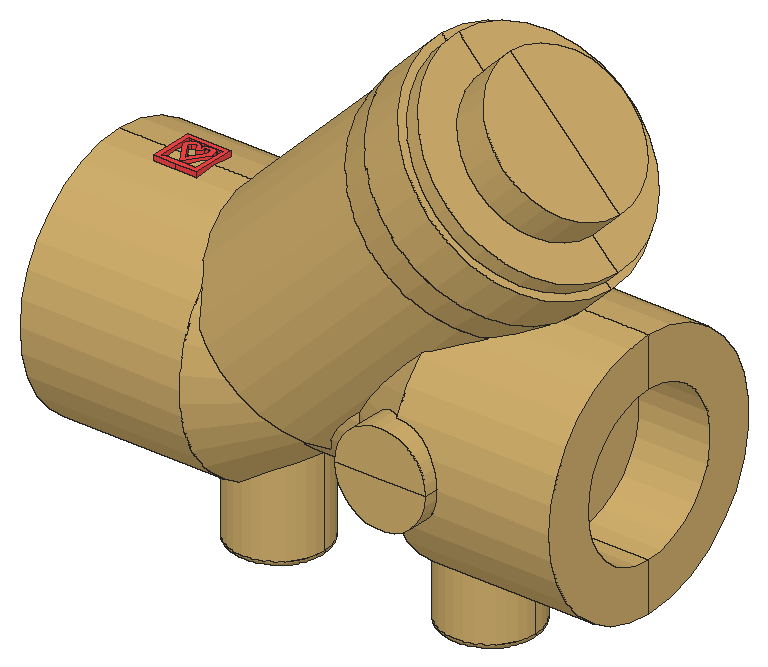
Revit family "Фильтр-грязевик 4111", category Rohrzubehör, Revit 2019
Family settings
  Bemaßung runder Anschluss = Durchmesser verwenden
  Teiletyp = Unterbricht
  OmniClass-Nummer = 23.65.55.14
  OmniClass-Titel = Valves for Liquid Services
  Arbeitsebenenbasiert = Nein
  Immer vertikal = Ja
  Beim Laden mit Abzugskörper schneiden = Nein
  Gemeinsam genutzt = Nein
Parameters
  Номер заказа [instance] = size_lookup("4111_", "Artnr", 0, Nennweite)  # 1411114
  Макс. рабочая температура = 110 °C  # constant formula
  W01 = 45.00°  # constant formula
  URL = "www.herz-armaturen.ru"
  Заглушка = "штампованная латунь CW 617N"  # constant formula
  Фильтрующий элемент = "нержавеющая сталь, размер ячейки 0,75 мм"  # constant formula
  SW02 [instance] = size_lookup("4111_", "SW2", 11.000 mm, Nennweite)  # 8.500 mm
  SW01 [instance] = size_lookup("4111_", "SW1", 16.000 mm, Nennweite)  # 16.000 mm
  SCTWSEQ = "AW;SBT_TYP_AW=\"112\";2"
  SCTWCODE = "04;16;02"  # constant formula
  SCRNSEQ = "AWI;AWI_TYP=\"1011\";2"
  SCRNCODE = "05;15;02"  # constant formula
  S01 [instance] = R01 * 2  # 52.000 mm
  R100 = 1.000 mm  # constant formula
  R10 [instance] = size_lookup("4111_", "R10", 8.500 mm, Nennweite)  # 6.950 mm
  R09 [instance] = size_lookup("4111_", "R9", 30.000 mm, Nennweite)  # 15.000 mm
  R08 [instance] = R07 - 1.500 mm  # 23.500 mm
  R07 [instance] = size_lookup("4111_", "R7", 46.500 mm, Nennweite)  # 25.000 mm
  R06 [instance] = size_lookup("4111_", "R6", 43.000 mm, Nennweite)  # 24.000 mm
  R05 [instance] = Nennweite / 2  # 16.000 mm
  R04 [instance] = size_lookup("4111_", "R4", 11.500 mm, Nennweite)  # 9.500 mm
  R03 = 9.500 mm  # constant formula
  R02 [instance] = Nennweite / 2  # 16.000 mm
  R01 [instance] = (Nennweite / 2) + 10.000 mm  # 26.000 mm
  PN [instance] = size_lookup("4111_", "PN", 16, Nennweite)  # 25
  Nennweite [instance] = 32.000 mm
  Среда = "Качество теплоносителя в соответствии с ÖNORM H5195 и/или предписаниями VDI-Standard 2035.\nРазрешается использование смеси этилен или пропиленгликоля в соотношении 25-50% с водой. Пожалуйста, обратитесь к документации производителя, при использовании этиленгликоля и пропиленгликоля в целях защиты от замерзания. Прокладки EPDM могут быть подвержены воздействию минеральных смазочных масел, что может служить причиной выхода из строя данных уплотнений."
  L16 [instance] = L03 - 4.500 mm  # 10.500 mm
  L15 [instance] = R01 - 1.000 mm  # 25.000 mm
  L14 [instance] = L06 - L08  # 7.300 mm
  L13 [instance] = size_lookup("4111_", "L13", 4.000 mm, Nennweite)  # 3.500 mm
  L12 = 0.800 mm  # constant formula
  L11 [instance] = size_lookup("4111_", "L11", 11.000 mm, Nennweite)  # 8.000 mm
  L10 = 3.500 mm  # constant formula
  L09 [instance] = size_lookup("4111_", "L9", 11.000 mm, Nennweite)  # 10.000 mm
  L08 [instance] = size_lookup("4111_", "L8", 35.000 mm, Nennweite)  # 52.700 mm
  L07 [instance] = size_lookup("4111_", "L7", 35.000 mm, Nennweite)  # 20.000 mm
  L06 [instance] = size_lookup("4111_", "L6", 118.000 mm, Nennweite) - L09  # 60.000 mm
  L05 [instance] = size_lookup("4111_", "L5", 44.000 mm, Nennweite)  # 27.500 mm
  L04 [instance] = size_lookup("4111_", "L4", 45.000 mm, Nennweite)  # 28.600 mm
  L03 = 15.000 mm  # constant formula
  L02 [instance] = size_lookup("4111_", "L2", 22.000 mm, Nennweite)  # 7.500 mm
  L01 [instance] = size_lookup("4111_", "L1", 48.000 mm, Nennweite)  # 33.000 mm
  L00 [instance] = size_lookup("4111_", "L", 180.000 mm, Nennweite)  # 110.000 mm
  Внутренняя резьба = "в соответствии с ISO 228-1"  # constant formula
  Hersteller = "Herz-Armaturen GmbH"  # constant formula
  H01 [instance] = size_lookup("4111_", "H1", 53.000 mm, Nennweite)  # 39.000 mm
  Корпус = "литая латунь, устойчивая к селективной цинковой коррозии, CC770S"  # constant formula
  Уплотнения = "EPDM"  # constant formula
  Область применения = "Фильтры устанавливаются с целью защиты клапанов от мелких частиц грязи в системах отопления и\nхолодоснабжения. Ароматические хлорированные углеводороды, такие как природный газ или продукты нефтепереработки, разрушают уплотнения из EPDM."
Reference planes
  plane 1 "Mitte (Vorne/hinten)": y = 0
  plane 2: z = 0
  plane 3 "Mitte (Links/rechts)": x = 0
Forms (mm)
  Revolve 1, solid, material "Messing", detail levels fine
    sketch origin (470, 0, 0) x (1, 0, 0) y (0, 0, 1)
      loop
        line (-525, 16) -> (-510, 16) -> (-510, 0) -> (-430, 0) -> (-430, 16) -> (-415, 16) -> (-415, 26) -> (-448, 26) -> (-462.5, 16) -> (-477.5, 16) -> (-492, 26) -> (-525, 26) -> (-525, 16)
      axis (-525, 0) -> (-415, 0)
    angle from 0 to 360
  Revolve 2, solid, material "Messing", detail levels fine
    sketch origin (470, 0, 0) x (1, 0, 0) y (0, 0, 1)
      loop
        line (-501.5, 0) -> (-501.5, -38)
        arc (-501.5, -38) -> (-501.207, -38.707) -> (-500.5, -39) r 1
        line (-500.5, -39) -> (-492, -39) -> (-492, 0) -> (-501.5, 0)
      axis (-492, 0) -> (-492, -39)
    angle from 0 to 360
  Revolve 3, solid, material "Messing", detail levels fine
    sketch origin (0, 0, 0) x (1, 0, 0) y (0, 1, 0)
      loop
        line (22, -28.6) -> (31.5, -28.6) -> (31.5, 27.5) -> (22, 27.5) -> (22, -28.6)
      axis (22, -28.6) -> (22, 27.5)
    angle from 0 to 360
  Revolve 4, solid, material "Messing", detail levels fine
    sketch origin (-470, 0, 0) x (-1, 0, 0) y (0, 0, 1)
      loop
        line (-501.5, 0) -> (-501.5, -38)
        arc (-501.5, -38) -> (-501.207, -38.707) -> (-500.5, -39) r 1
        line (-500.5, -39) -> (-492, -39) -> (-492, 0) -> (-501.5, 0)
      axis (-492, 0) -> (-492, -39)
    angle from 0 to 360
  Revolve 5, solid, material "Messing", detail levels fine
    sketch origin (0.32, 0, -0.105) x (1, 0, 0) y (0, 0, 1)
      loop
        line (-20.32, 0) -> (37.309, 57.629) -> (25.995, 68.943) -> (20.339, 63.286) -> (15.035, 68.589) -> (12.56, 66.114) -> (11.5, 67.175) -> (4.429, 60.104) -> (-0.026, 54.235) -> (-32.129, 22.132) -> (-31.634, 11.314) -> (-20.32, 0)
      axis (-20.32, 0) -> (37.309, 57.629)
    angle from 0 to 360
Lines and regions (mm)
  model lines, detail levels coarse+medium
    curve 1: line (-55, 0, 26) -> (55, 0, 26)
    curve 2: line (-55, 0, -26) -> (-55, 0, 26)
    curve 3: line (55, 0, -26) -> (-55, 0, -26)
    curve 4: line (55, 0, 26) -> (55, 0, -26)
    curve 6: line (-55, 26, 0) -> (55, 26, 0)
    curve 7: line (-55, -26, 0) -> (-55, 26, 0)
    curve 8: line (55, -26, 0) -> (-55, -26, 0)
    curve 9: line (55, 26, 0) -> (55, -26, 0)
    curve 10: line (55, -26, 0) -> (-55, 26, 0)
  symbolic lines, style "PipeAccessory"
    curve 5: line (55, 0, -26) -> (-55, 0, 26)
Dimensions and locks
  "H01": plane 2 to Revolve 2 sketch curve
  "L00": Revolve 1 sketch curve to Revolve 1 sketch curve
  equal spacing: Revolve 1 sketch curve, plane 3 "Mitte (Links/rechts)", Revolve 1 sketch curve
  "R01": Revolve 1 sketch curve to Revolve 1 sketch curve  (x2)
  "R02": Revolve 1 sketch curve to Revolve 1 sketch curve  (x3)
  "L01": Revolve 1 sketch curve to Revolve 1 sketch curve  (x2)
  "L02": plane 3 "Mitte (Links/rechts)" to Revolve 1 sketch curve
  "L02": Revolve 1 sketch curve to plane 3 "Mitte (Links/rechts)"
  "L03": Revolve 1 sketch curve to Revolve 1 sketch curve  (x2)
  "L01": Revolve 1 to Revolve 2 sketch curve
  "R03": Revolve 2 sketch curve to Revolve 2 sketch curve
  "L01": Revolve 4 sketch curve to Revolve 1
  "R03": Revolve 4 sketch curve to Revolve 4 sketch curve
  "H01": plane 2 to Revolve 4 sketch curve
  "L04": Revolve 3 sketch curve to plane 1 "Mitte (Vorne/hinten)"
  "L05": plane 1 "Mitte (Vorne/hinten)" to Revolve 3 sketch curve
  "R04": Revolve 3 sketch curve to Revolve 3 sketch curve
  "L01": Revolve 3 sketch curve to Revolve 1
  "SW01": Revolve 5 sketch curve to Revolve 5 sketch curve
  "R08": Revolve 5 sketch curve to Revolve 5 sketch curve
  "L10": Revolve 5 sketch curve to Revolve 5 sketch curve
  "L11": Revolve 5 sketch curve to Revolve 5 sketch curve
  "R07": Revolve 5 sketch curve to Revolve 5 sketch curve
  "L07": plane 3 "Mitte (Links/rechts)" to Revolve 5 sketch curve
  "R05": Revolve 5 sketch curve to Revolve 5 sketch curve
  "L06": Revolve 5 sketch curve to Revolve 5 sketch curve
  "L09": Revolve 5 sketch curve to Revolve 5 sketch curve
  "L08": Revolve 5 sketch curve to Revolve 5 sketch curve
  "R06": Revolve 5 sketch curve to Revolve 5 sketch curve
  "L14": Revolve 5 sketch curve to Revolve 5 sketch curve
  "L15": nested 1 to plane 2
  "L16": Revolve 1 to nested 1
  equal spacing: curve 7, plane 3 "Mitte (Links/rechts)", curve 9
  "L00": curve 7 to curve 9
  "S01": curve 6 to curve 8
  equal spacing: curve 4, plane 3 "Mitte (Links/rechts)", curve 2
  "L00": curve 4 to curve 2
  equal spacing: curve 1, plane 2, curve 3
  "S01": curve 1 to curve 3
  equal spacing: curve 8, plane 1 "Mitte (Vorne/hinten)", curve 6
  "R100": radius of Revolve 2 sketch curve
  "R100": radius of Revolve 4 sketch curve
  "W01": angle plane 2 to Revolve 5 sketch curve
  "W01": angle level to Revolve 5 sketch curve
  aligned and locked: level to plane 2
Automatic sketch dimensions
  Revolve 1 sketch curve to level = 0.000 mm  (x2)
  Revolve 1 sketch curve to Revolve 1 sketch curve = 791.990 mm
  Revolve 1 sketch curve to Revolve 1 sketch curve = 2278.983 mm
  Revolve 2 sketch curve to level = 0.000 mm  (x2)
  Revolve 2 sketch curve to Revolve 2 sketch curve = 0.000 mm
  Revolve 2 sketch curve to Revolve 2 sketch curve = 0.292 mm
  Revolve 3 sketch curve to Revolve 3 sketch curve = 0.000 mm  (x3)
  Revolve 4 sketch curve to level = 0.000 mm  (x2)
  Revolve 4 sketch curve to Revolve 4 sketch curve = 0.000 mm
  Revolve 4 sketch curve to Revolve 4 sketch curve = 0.292 mm
  Revolve 5 sketch curve to level = 0.105 mm
  Revolve 5 sketch curve to Revolve 5 sketch curve = 0.000 mm  (x2)
Nested families
  nested 1: "Herz-Logo" at (-39.982, 0, 25), type "Herz-Logo", detail levels fine
Connectors
  piping at (-40, 0, 0), diameter 32, driven by "Nennweite"
    settings: on Revolve 1, index 1, connector inside diameter 609.6 mm, connector length 0.000 mm, flow factor 0, pipe flow 0.0 L/s, pressure drop 0.0 Pa, fitting loss kfactor 0, connector angle 0.00°, fixture units 0, engagement length 0.000 mm, angle of deflection 0.00°, flow configuration 0, flow direction 1, fitting loss method 0, system type 29, joint type 0, gender type 0, connector reference index -1, connector utility 0, adjustable connector no, is connector primary yes, connector description ""
  piping at (40, 0, 0), diameter 32, driven by "Nennweite"
    settings: on Revolve 1, index 2, connector inside diameter 609.6 mm, connector length 0.000 mm, flow factor 0, pipe flow 0.0 L/s, pressure drop 0.0 Pa, fitting loss kfactor 0, connector angle 0.00°, fixture units 0, engagement length 0.000 mm, angle of deflection 0.00°, flow configuration 0, flow direction 2, fitting loss method 0, system type 29, joint type 0, gender type 0, connector reference index -1, connector utility 0, adjustable connector no, is connector primary no, connector description ""
Definition of nested family "Herz-Logo"
  Reference planes
    plane 1 "Mitte (Vorne/hinten)": y = 0
    plane 2: z = 0
    plane 3 "Mitte (Links/rechts)": x = 0
  Forms (mm)
    Extrusion 1, solid
      sketch origin (0, 0, 0) x (1, 0, 0) y (0, 1, 0)
        loop
          line (-0.018, -4.517) -> (4.482, -4.517) -> (4.482, 4.483) -> (-4.518, 4.483) -> (-4.518, -4.517) -> (-0.018, -4.517)
        loop
          line (-0.05, -3.48) -> (3.482, -3.48) -> (3.482, 3.483) -> (-3.518, 3.483) -> (-3.518, -3.48) -> (-0.05, -3.48)
        loop
          arc (-0.018, 2.383) -> (-1.543, 3.287) -> (-3.067, 2.383) r 1.738
          arc (-3.067, 2.383) -> (-3.191, 1.899) -> (-3.067, 1.415) r 1.009
          line (-3.067, 1.415) -> (-0.018, -3.281) -> (3.032, 1.415)
          arc (3.032, 1.415) -> (3.156, 1.899) -> (3.032, 2.383) r 1.009
          arc (3.032, 2.383) -> (1.507, 3.287) -> (-0.018, 2.383) r 1.738
        loop
          arc (1.885, 1.272) -> (2.005, 1.675) -> (1.885, 2.079) r 0.74
          arc (1.885, 2.079) -> (1.265, 2.416) -> (0.644, 2.079) r 0.74
          line (0.644, 2.079) -> (-0.018, 0.97) -> (-0.679, 2.079)
          arc (-0.679, 2.079) -> (-1.3, 2.416) -> (-1.921, 2.079) r 0.74
          arc (-1.921, 2.079) -> (-2.04, 1.675) -> (-1.921, 1.272) r 0.74
          line (-1.921, 1.272) -> (-0.018, -1.658) -> (1.885, 1.272)
      from 0 to 1.5
  Dimensions and locks
    aligned and locked: level to plane 2
